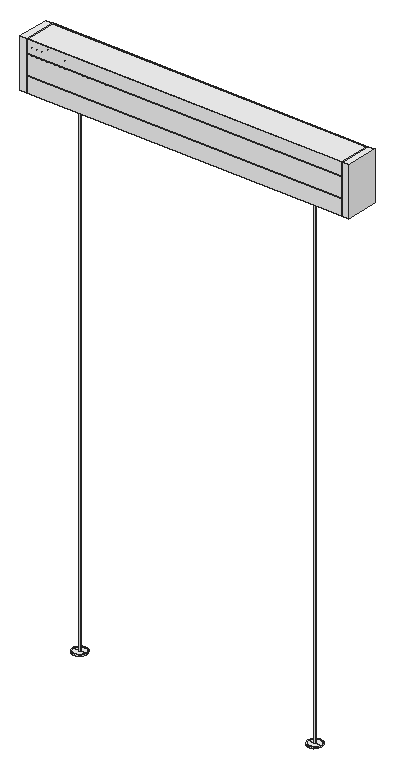
Revit family "2.3 inch  MAGIC WALL WASH LINEAR LIGHT", category Lighting Fixtures, host Face, Revit 2020 (continued)
Types (17): name | Wattage Comments | Wattage | Wall Mount | Suspenders Distance | Surface Mount | Recessed Mount | Photometric Web File | Pendent Mount | Order number | built-in parameter 1150142 | Model | built-in parameter 1150105 | Lumens | Light Source Height | Light Source Distance | built-in parameter 1150106 | Fixture Length
    8   219.08   210.51   201.97   193.45   184.96   \r\n 176.50   168.05   159.63   152.06   146.43   140.82   135.21   129.61   124.03   118.45   \r\n 112.88   107.32   101.77   96.22    90.68    85.15    79.62    74.10    68.58    63.07    \r\n 57.57    52.06    46.57    41.07    35.58    30.08    24.60    19.11    13.62    8.13     \r\n 2.65     2.59     2.53     2.47     2.41     2.35     2.29     2.22     2.16     2.10     \r\n 2.04     1.98     1.92     1.86     1.80     1.74     1.68     1.62     1.56     1.50     \r\n 1.45     1.39     1.33     1.28     1.22     1.17     1.11     1.06     1.07     1.11     \r\n 1.16     1.20     1.24     1.28     1.32     1.36     1.40     1.44     1.48     1.52     \r\n 1.56     1.60     1.64     1.68     1.72     1.76     1.80     1.84     1.88     1.92     \r\n 1.96     2.00     2.04     2.07     2.11     2.15     2.19     2.23     2.27     2.31     \r\n 2.35     2.39     2.43     2.47     2.51     2.55     2.59     2.63     2.66     2.70     \r\n 2.74     2.78     2.82     2.86     2.89     2.93     2.97     3.01     3.05     3.09     \r\n 3.12     3.16     3.20     3.24     3.28     3.31     3.34     3.37     3.40     3.43     \r\n 3.46     3.48     3.51     3.54     3.57     3.59     3.62     3.64     3.67     3.69     \r\n 3.72     3.74     3.77     3.79     3.82     3.84     3.87     3.89     3.92     3.94     \r\n 3.97     3.99     4.01     4.03     4.06     4.08     4.09     4.10     4.11     4.12     \r\n 4.13     4.14     4.15     4.16     4.17     4.18     4.20     4.21     4.21     4.22     \r\n 4.23     4.24     4.25     4.26     4.27     4.28     4.28     4.29     4.30     4.31     \r\n 4.32     4.33     4.33     4.34     4.35     4.35     4.36     4.36     4.36     4.35     \r\n 4.34     4.33     4.32     4.31     4.31     4.30     4.29     4.28     4.27     4.26     \r\n 4.25     4.24     4.23     4.22     4.21     4.20     4.20     4.19     4.18     4.17     \r\n 4.17     4.15     4.14     4.12     4.11     4.09     4.08     4.06     4.05     4.04     \r\n 4.26     \r\n1793.11  1784.72  1776.37  1768.05  1759.78  1750.91  1742.08  1733.27  1724.51  1715.70  \r\n 1706.89  1698.08  1689.26  1680.60  1671.98  1663.41  1654.88  1645.91  1636.92  1627.91  \r\n 1618.90  1609.84  1600.83  1591.87  1582.97  1573.86  1564.78  1555.76  1546.81  1537.48  \r\n 1528.07  1518.71  1509.41  1500.13  1490.90  1478.28  1463.57  1448.80  1433.96  1419.19  \r\n 1404.47  1389.66  1374.64  1359.71  1344.86  1330.12  1315.58  1301.13  1286.78  1272.52  \r\n 1257.90  1243.30  1228.78  1214.34  1200.11  1186.11  1172.23  1158.49  1144.88  1131.48  \r\n 1118.17  1104.97  1091.86  1078.88  1065.99  1053.21  1040.53  1028.06  1015.03  1001.07  \r\n 987.22   973.47   959.56   945.44   931.50   917.73   904.14   891.00   878.14   865.40   \r\n 852.77   840.27   828.03   815.95   804.01   792.19   780.49   768.99   757.64   746.43   \r\n 735.34   724.39   713.62   703.04   692.55   682.16   671.85   661.65   651.59   640.50   \r\n 629.22   618.03   606.93   595.97   585.22   574.56   563.99   553.51   543.11   532.81   \r\n 522.67   512.60   502.60   492.67   482.81   473.02   463.31   453.67   444.09   434.57   \r\n 425.11   415.71   406.37   397.10   387.91   378.79   369.74   360.78   352.09   343.44   \r\n 334.85   326.32   317.85   309.43   301.05   292.71   284.40   276.14   267.91   259.72   \r\n 251.56   243.43   235.33   227.27   219.24   211.24   203.28   195.35   187.45   179.57   \r\n 171.73   163.91   156.12   148.35   140.91   135.55   130.20   124.86   119.53   114.20   \r\n 108.89   103.59   98.30    93.01    87.74    82.47    77.20    71.95    66.69    61.45    \r\n 56.21    50.97    45.74    40.51    35.28    30.06    24.83    19.61    14.39    9.17     \r\n 3.95     3.84     3.72     3.61     3.49     3.38     3.26     3.14     3.03     2.91     \r\n 2.79     2.68     2.56     2.44     2.33     2.22     2.10     1.99     1.88     1.77     \r\n 1.66     1.55     1.44     1.33     1.23     1.12     1.02     1.05     1.09     1.13     \r\n 1.18     1.22     1.26     1.30     1.35     1.39     1.43     1.47     1.52     1.56     \r\n 1.60     1.64     1.68     1.72     1.77     1.81     1.85     1.89     1.93     1.98     \r\n 2.02     2.06     2.10     2.14     2.18     2.22     2.26     2.30     2.35     2.39     \r\n 2.43     2.47     2.51     2.55     2.60     2.64     2.68     2.71     2.75     2.79     \r\n 2.83     2.87     2.91     2.95     2.99     3.03     3.07     3.10     3.14     3.18     \r\n 3.22     3.26     3.29     3.32     3.35     3.39     3.42     3.45     3.48     3.51     \r\n 3.54     3.57     3.59     3.62     3.65     3.68     3.71     3.74     3.77     3.80     \r\n 3.83     3.86     3.89     3.91     3.94     3.97     3.99     4.02     4.04     4.06     \r\n 4.08     4.10     4.12     4.13     4.14     4.15     4.17     4.18     4.19     4.21     \r\n 4.22     4.23     4.25     4.26     4.27     4.28     4.29     4.30     4.30     4.31     \r\n 4.32     4.33     4.34     4.34     4.35     4.36     4.37     4.38     4.39     4.39     \r\n 4.40     4.41     4.41     4.42     4.42     4.43     4.43     4.42     4.41     4.40     \r\n 4.39     4.38     4.38     4.36     4.35     4.34     4.33     4.32     4.31     4.30     \r\n 4.29     4.28     4.27     4.26     4.24     4.23     4.22     4.21     4.20     4.19     \r\n 4.18     4.17     4.16     4.15     4.13     4.11     4.09     4.07     4.06     4.04     \r\n 4.26     \r\n1793.11  1783.74  1774.41  1765.12  1755.50  1745.57  1735.67  1725.81  1715.93  1706.05  \r\n 1696.16  1686.33  1676.58  1666.89  1657.23  1647.13  1637.03  1626.91  1616.68  1606.40  \r\n 1596.18  1586.02  1575.54  1565.13  1554.80  1544.24  1533.42  1522.64  1511.92  1501.19  \r\n 1490.52  1479.91  1469.27  1458.50  1447.82  1437.23  1426.28  1411.10  1394.80  1378.60  \r\n 1362.60  1346.69  1330.89  1314.90  1298.71  1282.61  1266.61  1250.71  1234.96  1219.36  \r\n 1203.92  1188.87  1173.93  1159.09  1144.38  1129.80  1115.33  1100.97  1087.29  1074.24  \r\n 1061.34  1048.61  1035.56  1022.43  1009.39  996.45   984.25   972.32   960.49   948.78   \r\n 937.30   924.37   910.70   897.17   883.83   870.65   857.62   844.74   832.37   820.30   \r\n 808.33   796.48   784.87   773.51   762.24   751.06   739.97   729.02   718.18   707.44   \r\n 696.82   686.42   676.18   666.06   656.06   646.18   636.53   626.98   617.52   608.16   \r\n 598.85   589.53   579.41   568.90   558.49   548.26   538.30   528.41   518.60   508.86   \r\n 499.20   489.56   480.01   470.52   461.12   451.79   442.63   433.61   424.65   415.75   \r\n 406.92   398.15   389.38   380.63   371.94   363.30   354.72   346.19   337.74   329.49   \r\n 321.40   313.39   305.43   297.50   289.62   281.77   273.90   266.07   258.29   250.54   \r\n 242.84   235.18   227.56   219.98   212.44   204.96   197.50   190.08   182.69   175.33   \r\n 168.00   160.69   153.42   146.17   138.95   131.74   126.11   120.97   115.86   110.75   \r\n 105.66   100.57   95.50    90.43    85.38    80.33    75.30    70.26    65.24    60.22    \r\n 55.21    50.20    45.20    40.20    35.21    30.22    25.23    20.24    15.25    10.26    \r\n 5.28     5.10     4.93     4.75     4.57     4.39     4.22     4.04     3.86     3.68     \r\n 3.50     3.33     3.15     2.97     2.80     2.62     2.45     2.27     2.10     1.93     \r\n 1.76     1.59     1.43     1.26     1.10     0.99     1.03     1.07     1.11     1.15     \r\n 1.20     1.24     1.28     1.32     1.37     1.41     1.45     1.49     1.54     1.58     \r\n 1.62     1.66     1.70     1.75     1.79     1.83     1.87     1.92     1.96     2.00     \r\n 2.05     2.09     2.13     2.18     2.22     2.26     2.31     2.35     2.39     2.44     \r\n 2.48     2.52     2.56     2.61     2.65     2.69     2.73     2.77     2.81     2.86     \r\n 2.90     2.94     2.98     3.03     3.07     3.12     3.16     3.20     3.24     3.28     \r\n 3.31     3.35     3.38     3.41     3.44     3.47     3.50     3.53     3.56     3.59     \r\n 3.62     3.65     3.68     3.71     3.74     3.77     3.80     3.83     3.86     3.89     \r\n 3.91     3.94     3.97     4.00     4.03     4.06     4.08     4.11     4.14     4.17     \r\n 4.19     4.20     4.22     4.24     4.25     4.27     4.28     4.29     4.30     4.31     \r\n 4.31     4.32     4.32     4.33     4.34     4.35     4.36     4.38     4.39     4.40     \r\n 4.41     4.42     4.43     4.43     4.44     4.45     4.45     4.46     4.46     4.47     \r\n 4.47     4.48     4.48     4.49     4.50     4.49     4.48     4.47     4.46     4.45     \r\n 4.44     4.43     4.42     4.41     4.40     4.39     4.38     4.36     4.35     4.34     \r\n 4.33     4.32     4.31     4.29     4.28     4.26     4.25     4.23     4.22     4.21     \r\n 4.20     4.19     4.18     4.17     4.14     4.12     4.10     4.08     4.06     4.04     \r\n 4.26     \r\n1793.11  1782.82  1772.59  1762.39  1751.52  1740.59  1729.71  1718.84  1707.96  1697.08  \r\n 1686.24  1675.47  1664.74  1653.83  1642.70  1631.56  1620.27  1608.82  1597.43  1585.98  \r\n 1574.27  1562.63  1550.98  1538.82  1526.72  1514.68  1502.57  1490.54  1478.57  1466.35  \r\n 1454.14  1442.03  1429.72  1417.28  1404.87  1392.49  1380.18  1367.96  1355.66  1340.80  \r\n 1323.29  1305.86  1288.37  1271.02  1253.82  1237.14  1220.67  1204.33  1188.12  1172.05  \r\n 1156.09  1140.43  1125.63  1111.00  1096.54  1081.88  1067.28  1052.79  1038.84  1025.40  \r\n 1012.07  998.87   985.89   973.03   960.30   947.94   935.75   923.62   911.70   900.32   \r\n 889.08   877.98   867.37   857.02   846.78   834.44   822.07   809.81   797.68   785.73   \r\n 773.98   762.37   750.88   739.78   728.88   718.07   707.38   696.83   686.36   675.97   \r\n 665.71   655.76   645.91   636.15   626.50   616.93   607.45   598.06   588.79   579.87   \r\n 571.04   562.29   553.63   544.99   536.45   527.99   518.41   508.73   499.09   489.55   \r\n 480.11   470.77   461.71   452.73   443.81   434.96   426.17   417.45   408.80   400.23   \r\n 391.72   383.28   374.95   366.68   358.46   350.30   342.19   334.15   326.18   318.25   \r\n 310.39   302.58   294.82   287.24   279.76   272.32   264.91   257.55   250.22   242.93   \r\n 235.64   228.39   221.18   214.00   206.87   199.77   192.71   185.69   178.71   171.77   \r\n 164.85   157.97   151.12   144.30   137.50   130.73   123.98   117.61   112.68   107.76   \r\n 102.86   97.97    93.10    88.23    83.37    78.53    73.69    68.87    64.05    59.24    \r\n 54.43    49.63    44.84    40.05    35.27    30.49    25.71    20.93    16.16    11.38    \r\n 6.61     6.36     6.11     5.86     5.61     5.36     5.11     4.86     4.60     4.35     \r\n 4.10     3.85     3.61     3.36     3.11     2.87     2.62     2.38     2.14     1.90     \r\n 1.67     1.43     1.20     0.97     0.96     1.00     1.04     1.08     1.12     1.17     \r\n 1.21     1.25     1.29     1.33     1.38     1.42     1.46     1.50     1.54     1.59     \r\n 1.63     1.67     1.72     1.76     1.80     1.85     1.89     1.93     1.98     2.02     \r\n 2.07     2.11     2.16     2.20     2.25     2.29     2.34     2.38     2.42     2.47     \r\n 2.51     2.56     2.61     2.65     2.70     2.75     2.79     2.83     2.87     2.91     \r\n 2.95     3.00     3.04     3.08     3.13     3.17     3.21     3.25     3.29     3.33     \r\n 3.36     3.40     3.43     3.47     3.50     3.54     3.57     3.61     3.65     3.68     \r\n 3.72     3.76     3.79     3.82     3.85     3.88     3.91     3.93     3.96     3.99     \r\n 4.02     4.05     4.07     4.10     4.13     4.16     4.18     4.20     4.21     4.23     \r\n 4.24     4.26     4.27     4.29     4.30     4.32     4.33     4.35     4.36     4.37     \r\n 4.39     4.40     4.42     4.43     4.44     4.45     4.46     4.46     4.47     4.48     \r\n 4.48     4.49     4.50     4.51     4.52     4.53     4.54     4.54     4.55     4.55     \r\n 4.56     4.56     4.56     4.55     4.54     4.53     4.52     4.51     4.50     4.49     \r\n 4.48     4.47     4.46     4.45     4.44     4.43     4.42     4.40     4.39     4.38     \r\n 4.36     4.34     4.33     4.32     4.31     4.29     4.28     4.26     4.24     4.23     \r\n 4.21     4.20     4.19     4.18     4.16     4.14     4.11     4.08     4.06     4.04     \r\n 4.26     \r\n1793.11  1781.99  1770.92  1759.74  1747.87  1736.03  1724.23  1712.44  1700.65  1688.87  \r\n 1677.14  1665.46  1653.53  1641.47  1629.39  1616.91  1604.41  1591.97  1579.09  1566.27  \r\n 1553.43  1540.06  1526.75  1513.45  1500.10  1486.81  1473.39  1459.78  1446.25  1432.65  \r\n 1418.96  1405.29  1391.53  1377.79  1364.13  1350.10  1336.00  1321.95  1307.72  1293.50  \r\n 1279.31  1265.79  1250.21  1232.56  1215.09  1197.73  1180.56  1164.19  1148.00  1131.96  \r\n 1115.96  1100.06  1084.41  1069.58  1054.87  1040.29  1025.88  1011.61  997.58   984.31   \r\n 971.10   957.97   945.16   932.49   919.97   908.33   896.80   885.38   873.89   862.48   \r\n 851.19   840.20   829.34   818.56   808.12   797.95   787.89   778.02   768.36   757.75   \r\n 746.35   735.18   724.13   713.18   702.41   691.76   681.20   670.91   660.95   651.08   \r\n 641.29   631.44   621.70   612.05   602.58   593.25   583.98   574.78   565.85   557.03   \r\n 548.29   539.63   531.01   522.48   514.04   505.79   497.73   489.74   481.81   473.95   \r\n 465.50   456.54   447.66   438.89   430.23   421.65   413.15   404.68   396.20   387.81   \r\n 379.50   371.27   363.35   355.50   347.70   339.94   332.20   324.38   316.62   308.94   \r\n 301.32   293.81   286.51   279.26   272.07   264.93   257.82   250.73   243.67   236.66   \r\n 229.69   222.76   215.88   209.03   202.22   195.45   188.72   182.03   175.37   168.76   \r\n 162.17   155.63   149.12   142.64   136.19   129.78   123.40   117.05   110.73   105.14   \r\n 100.41   95.70    91.00    86.31    81.64    76.97    72.32    67.68    63.04    58.41    \r\n 53.79    49.18    44.57    39.97    35.38    30.78    26.19    21.60    17.01    12.43    \r\n 7.84     7.51     7.18     6.85     6.51     6.18     5.85     5.52     5.19     4.85     \r\n 4.52     4.19     3.87     3.54     3.21     2.89     2.57     2.25     1.93     1.62     \r\n 1.31     1.00     0.88     0.92     0.96     1.01     1.05     1.09     1.13     1.18     \r\n 1.22     1.26     1.30     1.34     1.38     1.42     1.46     1.51     1.55     1.59     \r\n 1.63     1.68     1.72     1.76     1.81     1.85     1.89     1.94     1.98     2.03     \r\n 2.08     2.12     2.17     2.22     2.26     2.31     2.35     2.40     2.44     2.49     \r\n 2.54     2.59     2.64     2.69     2.73     2.78     2.82     2.86     2.91     2.96     \r\n 3.01     3.05     3.09     3.13     3.17     3.21     3.25     3.30     3.34     3.38     \r\n 3.42     3.45     3.49     3.52     3.56     3.60     3.64     3.68     3.72     3.76     \r\n 3.79     3.83     3.86     3.89     3.93     3.96     4.00     4.03     4.07     4.10     \r\n 4.14     4.17     4.19     4.21     4.22     4.23     4.25     4.26     4.27     4.29     \r\n 4.30     4.32     4.33     4.34     4.36     4.37     4.39     4.40     4.42     4.43     \r\n 4.45     4.46     4.47     4.49     4.50     4.51     4.53     4.54     4.55     4.56     \r\n 4.57     4.58     4.58     4.59     4.59     4.60     4.61     4.61     4.62     4.62     \r\n 4.61     4.61     4.60     4.59     4.58     4.57     4.56     4.55     4.54     4.53     \r\n 4.52     4.51     4.50     4.48     4.47     4.46     4.45     4.44     4.42     4.41     \r\n 4.39     4.38     4.36     4.34     4.33     4.32     4.30     4.28     4.26     4.24     \r\n 4.23     4.21     4.20     4.19     4.17     4.15     4.12     4.09     4.07     4.05     \r\n 4.26     \r\n1793.11  1781.24  1769.42  1757.27  1744.57  1731.90  1719.29  1706.68  1694.06  1681.45  \r\n 1668.89  1656.16  1643.25  1630.32  1616.84  1603.37  1589.78  1575.85  1562.00  1547.73  \r\n 1533.29  1518.89  1504.36  1489.90  1475.26  1460.39  1445.60  1430.78  1415.95  1401.09  \r\n 1385.98  1370.94  1355.73  1340.31  1324.94  1309.45  1293.95  1278.60  1263.84  1249.11  \r\n 1234.44  1219.84  1205.28  1191.38  1177.60  1163.83  1147.57  1130.49  1113.88  1097.88  \r\n 1082.01  1066.25  1050.63  1035.14  1020.91  1006.78  992.68   978.60   964.66   95
